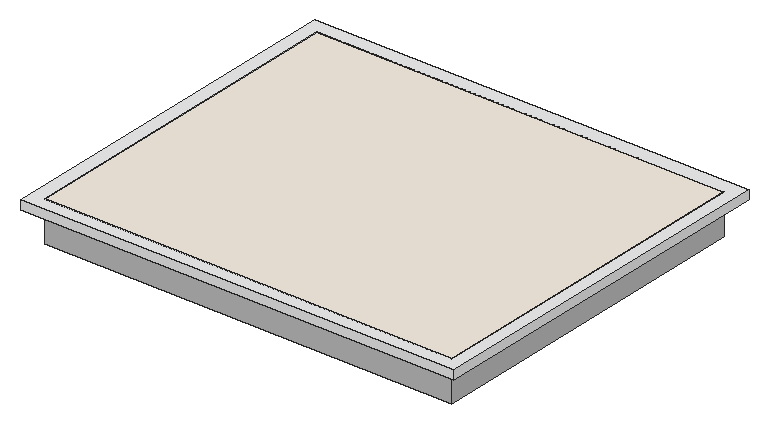
Revit family "Lighting-Industriale-GEWISS-ELIA-HL-LED_RIFLETTORE", category Apparecchi per illuminazione, host Superficie, Revit 2019 (continued)
Types (12, lengths in mm): name | Tensione | Scheda Tecnica | Potenza di sistema | Peso (kg): | Peso (kg) | Ottica | built-in parameter 1150142 | Lumen output (lm) | Modello | IDT | File diagramma fotometrico | Description
  GWF1000ML840 - ELIA HL M2 90° 4000K S.ALONE ON/OFF | "100-240 V " | "https://www.gewiss.com/it/it/search?q=GWF1000ML840" | "120W" | "3,9" | "3,9" | "90°" | "IESNA:LM-63-1995\r\n[TEST] HB25-120-4080-90D-H00108\r\n[DATE] 27 Nov 2019\r\n[MANUFAC] GEWISS\r\n[LUMCAT] GWF1000ML840\r\n[LUMINAIRE] ELIA HL - M2 90° LED840 120W\r\n[FLASHAREA] 0.013851\r\n[LAMPCAT] LED 120W/16100lm\r\n[LAMP] LED 120W/16100lm\r\nTILT=NONE\r\n1 16100.00 1.0 181 37 1 2 -0.270 0.000 0.000\r\n1.00 1.00 120.00\r\n0.00 0.50 1.00 1.50 2.00 2.50 3.00 3.50 4.00 4.50 5.00 \r\n5.50 6.00 6.50 7.00 7.50 8.00 8.50 9.00 9.50 10.00 10.50 \r\n11.00 11.50 12.00 12.50 13.00 13.50 14.00 14.50 15.00 \r\n15.50 16.00 16.50 17.00 17.50 18.00 18.50 19.00 19.50 \r\n20.00 20.50 21.00 21.50 22.00 22.50 23.00 23.50 24.00 \r\n24.50 25.00 25.50 26.00 26.50 27.00 27.50 28.00 28.50 \r\n29.00 29.50 30.00 30.50 31.00 31.50 32.00 32.50 33.00 \r\n33.50 34.00 34.50 35.00 35.50 36.00 36.50 37.00 37.50 \r\n38.00 38.50 39.00 39.50 40.00 40.50 41.00 41.50 42.00 \r\n42.50 43.00 43.50 44.00 44.50 45.00 45.50 46.00 46.50 \r\n47.00 47.50 48.00 48.50 49.00 49.50 50.00 50.50 51.00 \r\n51.50 52.00 52.50 53.00 53.50 54.00 54.50 55.00 55.50 \r\n56.00 56.50 57.00 57.50 58.00 58.50 59.00 59.50 60.00 \r\n60.50 61.00 61.50 62.00 62.50 63.00 63.50 64.00 64.50 \r\n65.00 65.50 66.00 66.50 67.00 67.50 68.00 68.50 69.00 \r\n69.50 70.00 70.50 71.00 71.50 72.00 72.50 73.00 73.50 \r\n74.00 74.50 75.00 75.50 76.00 76.50 77.00 77.50 78.00 \r\n78.50 79.00 79.50 80.00 80.50 81.00 81.50 82.00 82.50 \r\n83.00 83.50 84.00 84.50 85.00 85.50 86.00 86.50 87.00 \r\n87.50 88.00 88.50 89.00 89.50 90.00 \r\n0.00 2.50 5.00 7.50 10.00 12.50 15.00 17.50 20.00 22.50 \r\n25.00 27.50 30.00 32.50 35.00 37.50 40.00 42.50 45.00 \r\n47.50 50.00 52.50 55.00 57.50 60.00 62.50 65.00 67.50 \r\n70.00 72.50 75.00 77.50 80.00 82.50 85.00 87.50 90.00 \r\n8062.88 8062.88 8064.49 8067.71 8069.32 8072.54 8077.37 \r\n8080.59 8085.42 8091.86 8099.91 8106.35 8114.40 8122.45 \r\n8130.50 8138.55 8146.60 8156.26 8165.92 8175.58 8185.24 \r\n8193.29 8202.95 8211.00 8220.66 8227.10 8235.15 8241.59 \r\n8248.03 8251.25 8256.08 8257.69 8257.69 8257.69 8256.08 \r\n8252.86 8246.42 8238.37 8228.71 8219.05 8206.17 8191.68 \r\n8173.97 8154.65 8132.11 8107.96 8082.20 8054.83 8024.24 \r\n7990.43 7955.01 7916.37 7874.51 7829.43 7781.13 7728.00 \r\n7670.04 7607.25 7538.02 7460.74 7380.24 7291.69 7199.92 \r\n7100.10 6998.67 6895.63 6787.76 6671.84 6544.65 6407.80 \r\n6258.07 6092.24 5919.97 5758.97 5597.97 5435.36 5274.36 \r\n5124.63 4978.12 4834.83 4691.54 4545.03 4400.13 4266.50 \r\n4139.31 4015.34 3894.59 3781.89 3670.80 3556.49 3442.18 \r\n3334.31 3229.66 3129.84 3031.63 2936.64 2844.87 2753.10 \r\n2662.94 2577.61 2495.50 2411.78 2331.28 2254.00 2179.94 \r\n2107.49 2036.65 1967.42 1896.58 1824.13 1751.68 1679.23 \r\n1609.20 1540.13 1473.63 1411.81 1352.24 1292.83 1236.48 \r\n1186.73 1140.85 1096.73 1055.03 1016.72 979.52 941.69 \r\n903.85 866.34 828.99 791.48 754.29 718.06 683.12 650.28 \r\n619.53 591.03 563.82 536.45 510.21 486.54 464.97 445.97 \r\n427.29 405.40 383.34 362.89 343.25 323.93 304.93 286.26 \r\n268.39 251.80 236.51 222.99 210.91 200.61 190.46 177.91 \r\n165.19 153.47 141.94 130.15 118.66 108.06 97.92 87.91 \r\n78.21 68.94 60.10 51.78 43.99 36.87 30.28 24.13 18.52 \r\n13.39 9.08 5.94 3.87 2.84 2.86 \r\n8062.88 8062.88 8064.49 8066.90 8069.32 8072.54 8077.37 \r\n8080.59 8085.42 8091.86 8099.91 8106.35 8114.40 8122.45 \r\n8130.50 8138.55 8147.40 8157.06 8166.72 8175.58 8185.24 \r\n8194.09 8203.75 8211.80 8220.66 8227.90 8235.95 8242.39 \r\n8248.03 8252.86 8256.08 8257.69 8259.30 8258.49 8256.88 \r\n8252.86 8248.03 8240.78 8231.12 8219.85 8206.97 8192.48 \r\n8174.77 8155.45 8133.72 8109.57 8083.81 8056.44 8025.85 \r\n7992.84 7957.42 7917.98 7876.12 7831.04 7781.93 7728.80 \r\n7671.65 7608.05 7539.63 7463.96 7382.65 7295.71 7203.14 \r\n7104.93 7002.69 6899.65 6790.17 6673.45 6547.06 6409.41 \r\n6261.29 6096.26 5926.41 5764.60 5604.41 5440.99 5279.99 \r\n5127.04 4978.92 4834.83 4692.34 4545.83 4403.35 4270.52 \r\n4144.14 4020.17 3900.22 3785.11 3670.80 3556.49 3442.99 \r\n3335.92 3232.08 3130.64 3033.24 2938.25 2846.48 2753.91 \r\n2665.36 2579.22 2495.50 2412.59 2332.89 2255.61 2180.74 \r\n2109.10 2038.26 1967.42 1898.19 1825.74 1752.49 1682.45 \r\n1611.61 1543.10 1476.77 1414.71 1355.30 1296.29 1240.51 \r\n1190.76 1144.71 1100.60 1059.06 1020.50 983.15 945.39 \r\n907.72 870.12 832.61 795.42 758.71 722.25 687.15 654.30 \r\n623.47 594.65 567.04 539.27 512.79 488.72 466.66 447.26 \r\n428.10 406.28 384.23 363.78 344.06 324.74 305.82 287.14 \r\n269.19 252.53 237.23 223.87 211.80 201.33 190.87 178.31 \r\n165.51 153.47 141.73 129.88 118.41 107.81 97.69 87.75 \r\n78.16 68.99 60.23 51.90 44.10 36.94 30.33 24.18 18.56 \r\n13.43 9.10 5.96 3.88 2.85 2.87 \r\n8062.88 8062.88 8064.49 8066.90 8069.32 8072.54 8076.56 \r\n8080.59 8086.22 8091.86 8099.91 8106.35 8114.40 8121.64 \r\n8129.69 8139.35 8147.40 8157.06 8166.72 8176.38 8185.24 \r\n8194.90 8203.75 8212.61 8221.46 8228.71 8236.76 8243.20 \r\n8248.83 8253.66 8256.88 8258.49 8260.10 8259.30 8257.69 \r\n8254.47 8248.83 8242.39 8232.73 8221.46 8209.39 8194.09 \r\n8176.38 8157.06 8135.33 8111.18 8085.42 8058.05 8028.26 \r\n7994.45 7958.23 7919.59 7878.53 7832.65 7784.35 7732.02 \r\n7673.26 7610.47 7542.04 7467.18 7385.87 7299.74 7207.16 \r\n7108.95 7006.72 6902.87 6793.39 6675.06 6548.67 6412.63 \r\n6266.12 6101.90 5932.85 5771.85 5612.46 5447.43 5285.63 \r\n5130.26 4979.73 4834.02 4691.54 4545.83 4404.15 4273.74 \r\n4147.36 4023.39 3903.44 3786.72 3671.61 3556.49 3443.79 \r\n3337.53 3233.69 3132.26 3033.24 2939.06 2847.29 2754.71 \r\n2665.36 2579.22 2495.50 2414.20 2334.50 2256.42 2181.55 \r\n2109.10 2039.07 1969.03 1898.19 1826.55 1754.90 1684.06 \r\n1614.83 1546.00 1479.83 1417.77 1358.36 1299.75 1244.37 \r\n1194.70 1148.49 1104.54 1063.00 1024.20 986.69 949.18 \r\n911.58 873.75 836.15 799.20 762.74 726.35 691.09 658.25 \r\n627.18 598.20 570.26 542.17 515.28 490.89 468.35 448.39 \r\n428.90 407.09 385.27 364.67 344.86 325.54 306.71 287.87 \r\n269.92 253.25 237.96 224.51 212.52 201.81 191.11 178.55 \r\n165.59 153.35 141.39 129.51 118.07 107.49 97.40 87.54 \r\n78.04 68.96 60.29 51.95 44.13 36.96 30.33 24.19 18.59 \r\n13.44 9.11 5.97 3.89 2.85 2.86 \r\n8062.88 8062.88 8064.49 8066.90 8070.12 8073.34 8076.56 \r\n8081.39 8086.22 8092.66 8099.10 8106.35 8114.40 8122.45 \r\n8130.50 8139.35 8147.40 8157.06 8166.72 8176.38 8186.04 \r\n8194.90 8204.56 8212.61 8222.27 8230.32 8237.56 8244.00 \r\n8248.83 8253.66 8257.69 8259.30 8260.91 8260.10 8259.30 \r\n8256.08 8250.44 8242.39 8234.34 8223.88 8211.00 8195.70 \r\n8178.80 8159.48 8137.74 8113.59 8088.64 8060.46 8029.87 \r\n7996.87 7961.45 7922.00 7880.95 7835.06 7785.96 7733.63 \r\n7676.48 7612.88 7544.46 7470.40 7389.90 7304.57 7211.99 \r\n7114.59 7011.55 6906.90 6796.61 6678.28 6551.89 6416.65 \r\n6270.14 6107.53 5940.90 5779.90 5619.70 5453.87 5290.46 \r\n5133.48 4981.34 4834.83 4690.73 4546.64 4405.76 4275.35 \r\n4149.77 4026.61 3905.86 3787.53 3670.80 3555.69 3444.60 \r\n3339.14 3236.10 3133.87 3034.85 2939.86 2848.09 2756.32 \r\n2665.36 2580.03 2496.31 2414.20 2335.31 2258.03 2183.16 \r\n2110.71 2038.26 1968.23 1898.19 1826.55 1755.71 1684.87 \r\n1616.44 1548.66 1482.89 1420.91 1361.26 1303.05 1247.99 \r\n1198.32 1152.12 1108.24 1066.79 1027.74 990.07 952.56 \r\n915.12 877.13 839.45 802.83 766.52 730.22 694.88 662.03 \r\n630.96 601.58 573.24 544.90 517.62 492.74 469.80 449.35 \r\n429.47 407.81 386.16 365.55 345.51 326.19 307.35 288.67 \r\n270.64 253.90 238.60 225.16 213.08 202.14 191.19 178.55 \r\n165.59 153.13 140.97 129.07 117.67 107.11 97.06 87.29 \r\n77.89 68.90 60.28 51.96 44.13 36.94 30.31 24.17 18.57 \r\n13.44 9.12 5.97 3.89 2.84 2.85 \r\n8062.88 8063.68 8064.49 8066.90 8070.12 8073.34 8076.56 \r\n8081.39 8086.22 8092.66 8099.10 8106.35 8114.40 8122.45 \r\n8130.50 8139.35 8147.40 8157.06 8166.72 8176.38 8186.04 \r\n8194.90 8204.56 8214.22 8222.27 8231.12 8237.56 8244.00 \r\n8250.44 8254.47 8257.69 8260.91 8261.71 8260.91 8260.10 \r\n8256.88 8251.25 8244.81 8235.95 8225.49 8212.61 8197.31 \r\n8180.41 8160.28 8139.35 8116.01 8091.05 8062.88 8032.29 \r\n7999.28 7963.86 7925.22 7883.36 7838.28 7789.98 7736.85 \r\n7679.70 7616.10 7548.48 7474.42 7394.73 7309.40 7217.63 \r\n7119.42 7017.18 6911.73 6800.64 6682.30 6555.11 6419.87 \r\n6275.78 6114.78 5948.95 5787.95 5626.95 5461.12 5296.90 \r\n5137.51 4982.95 4834.83 4690.73 4546.64 4406.57 4276.96 \r\n4150.58 4028.22 3907.47 3787.53 3670.00 3556.49 3445.40 \r\n3340.75 3237.71 3135.48 3035.66 2940.67 2848.09 2756.32 \r\n2666.16 2579.22 2495.50 2414.20 2335.31 2258.83 2183.97 \r\n2110.71 2039.07 1969.03 1898.19 1826.55 1755.71 1686.48 \r\n1618.86 1551.15 1485.87 1423.72 1363.99 1305.95 1251.29 \r\n1201.62 1155.42 1111.54 1070.17 1030.88 992.97 955.54 \r\n918.18 880.19 842.43 805.81 769.82 733.52 698.34 665.41 \r\n634.18 604.64 575.98 547.32 519.87 494.51 471.01 450.00 \r\n429.79 408.46 387.12 366.28 346.07 326.75 307.99 289.24 \r\n271.12 254.38 239.09 225.72 213.57 202.38 191.11 178.39 \r\n165.43 152.81 140.50 128.57 117.21 106.69 96.70 87.01 \r\n77.71 68.79 60.24 51.93 44.08 36.89 30.26 24.13 18.54 \r\n13.42 9.11 5.97 3.88 2.84 2.84 \r\n8062.88 8063.68 8064.49 8066.90 8069.32 8072.54 8076.56 \r\n8081.39 8086.22 8092.66 8099.10 8106.35 8114.40 8122.45 \r\n8131.30 8139.35 8148.21 8157.06 8166.72 8176.38 8186.04 \r\n8195.70 8204.56 8214.22 8223.07 8231.12 8239.17 8245.61 \r\n8250.44 8256.08 8259.30 8261.71 8262.52 8262.52 8260.91 \r\n8257.69 8253.66 8246.42 8237.56 8227.10 8214.22 8198.92 \r\n8182.02 8163.50 8141.77 8118.42 8092.66 8065.29 8034.70 \r\n8002.50 7967.08 7928.44 7886.58 7841.50 7793.20 7740.07 \r\n7682.11 7620.13 7551.70 7478.45 7398.75 7314.23 7223.26 \r\n7125.86 7023.62 6917.36 6805.47 6687.13 6560.75 6426.31 \r\n6282.22 6122.02 5957.00 5796.00 5634.19 5468.36 5303.34 \r\n5142.34 4985.36 4835.63 4689.93 4546.64 4408.18 4277.77 \r\n4151.38 4028.22 3907.47 3786.72 3669.19 3555.69 3446.21 \r\n3341.56 3240.13 3137.09 3036.46 2941.47 2848.09 2757.13 \r\n2666.16 2579.22 2495.50 2414.20 2336.11 2259.64 2184.77 \r\n2111.52 2039.07 1968.23 1899.00 1826.55 1755.71 1687.28 \r\n1619.66 1553.41 1488.61 1426.22 1366.33 1308.53 1254.03 \r\n1204.36 1158.07 1114.28 1072.98 1033.54 995.46 957.95 \r\n920.68 882.60 844.85 808.38 772.48 736.33 701.24 668.31 \r\n637.00 607.13 578.23 549.33 521.64 495.88 471.97 450.40 \r\n429.95 408.78 387.69 366.76 346.39 327.07 308.40 289.56 \r\n271.61 254.78 239.49 226.12 213.81 202.30 190.87 178.15 \r\n165.19 152.42 139.97 128.05 116.74 106.27 96.33 86.72 \r\n77.51 68.67 60.16 51.87 44.03 36.83 30.20 24.07 18.50 \r\n13.40 9.10 5.97 3.87 2.83 2.82 \r\n8062.88 8063.68 8064.49 8066.90 8069.32 8072.54 8076.56 \r\n8081.39 8087.03 8092.66 8099.10 8107.15 8114.40 8122.45 \r\n8131.30 8139.35 8148.21 8157.87 8167.53 8176.38 8186.04 \r\n8195.70 8205.36 8215.02 8223.88 8231.93 8239.17 8245.61 \r\n8252.05 8256.88 8260.10 8262.52 8263.32 8263.32 8262.52 \r\n8259.30 8254.47 8248.03 8239.17 8228.71 8215.83 8201.34 \r\n8184.43 8165.11 8144.18 8120.84 8095.08 8067.71 8037.92 \r\n8005.72 7969.50 7931.66 7889.80 7844.72 7796.42 7743.29 \r\n7686.14 7624.15 7556.53 7482.47 7403.58 7319.06 7228.90 \r\n7133.10 7031.67 6924.61 6811.91 6693.57 6566.38 6432.75 \r\n6288.66 6130.88 5967.46 5804.85 5643.05 5476.41 5309.78 \r\n5147.97 4990.19 4837.24 4689.93 4547.44 4409.79 4279.38 \r\n4152.19 4029.02 3907.47 3786.72 3667.58 3555.69 3447.01 \r\n3343.17 3241.74 3138.70 3036.46 2941.47 2848.89 2756.32 \r\n2666.16 2578.42 2494.70 2415.00 2336.92 2260.44 2185.58 \r\n2111.52 2039.07 1968.23 1898.19 1827.35 1756.51 1688.09 \r\n1620.47 1555.18 1490.94 1428.47 1368.26 1310.54 1256.12 \r\n1206.37 1160.01 1116.45 1075.08 1035.47 997.15 959.64 \r\n922.37 884.29 846.46 810.15 774.41 738.43 703.41 670.48 \r\n639.09 608.98 579.84 550.78 522.85 496.69 472.37 450.40 \r\n429.71 408.78 388.09 367.00 346.31 327.15 308.48 289.80 \r\n271.77 255.10 239.65 226.21 213.81 202.14 190.38 177.74 \r\n164.78 151.95 139.43 127.54 116.27 105.84 95.96 86.43 \r\n77.30 68.51 60.07 51.80 43.95 36.77 30.14 24.02 18.45 \r\n13.36 9.09 5.96 3.86 2.81 2.81 \r\n8062.88 8063.68 8064.49 8066.90 8069.32 8072.54 8076.56 \r\n8081.39 8087.03 8093.47 8099.91 8106.35 8114.40 8121.64 \r\n8130.50 8139.35 8148.21 8157.06 8166.72 8176.38 8186.04 \r\n8195.70 8204.56 8214.22 8223.88 8231.93 8239.17 8245.61 \r\n8252.05 8256.88 8260.10 8262.52 8264.13 8264.13 8262.52 \r\n8260.10 8255.27 8248.83 8240.78 8230.32 8218.24 8202.95 \r\n8186.04 8167.53 8146.60 8123.25 8098.30 8070.12 8040.34 \r\n8008.14 7973.52 7934.88 7893.02 7848.75 7799.64 7747.32 \r\n7690.16 7628.18 7561.36 7488.11 7410.02 7326.30 7236.14 \r\n7140.35 7038.92 6932.66 6820.76 6701.62 6576.04 6442.41 \r\n6299.12 6140.54 5976.32 5814.51 5650.29 5483.66 5317.83 \r\n5156.83 4997.44 4843.68 4693.95 4550.66 4412.20 4280.18 \r\n4152.19 4028.22 3905.86 3785.11 3665.97 3554.88 3447.82 \r\n3343.97 3241.74 3138.70 3038.07 2942.28 2849.70 2757.93 \r\n2667.77 2580.83 2496.31 2416.61 2338.53 2262.05 2187.18 \r\n2113.13 2040.68 1969.84 1899.80 1828.16 1756.51 1688.89 \r\n1622.08 1556.47 1492.23 1429.44 1368.82 1310.94 1256.36 \r\n1206.29 1159.60 1115.89 1074.43 1034.59 996.19 958.67 \r\n921.48 883.41 845.65 809.19 773.44 737.54 702.68 669.68 \r\n637.96 607.94 578.88 549.98 522.04 495.80 471.25 449.19 \r\n428.34 407.65 387.12 366.03 345.26 326.11 307.67 289.16 \r\n271.37 254.70 239.25 225.72 213.16 201.41 189.58 176.94 \r\n164.06 151.39 139.02 127.21 115.98 105.56 95.70 86.24 \r\n77.18 68.47 60.04 51.83 44.01 36.84 30.20 24.05 18.45 \r\n13.36 9.09 5.96 3.86 2.81 2.80 \r\n8062.88 8062.88 8064.49 8066.90 8069.32 8072.54 8076.56 \r\n8081.39 8087.03 8092.66 8099.10 8106.35 8113.59 8122.45 \r\n8129.69 8138.55 8148.21 8157.06 8166.72 8175.58 8185.24 \r\n8194.90 8204.56 8214.22 8222.27 8231.12 8238.37 8244.81 \r\n8251.25 8256.88 8260.10 8262.52 8264.13 8264.13 8262.52 \r\n8260.10 8256.08 8249.64 8242.39 8231.93 8219.05 8205.36 \r\n8188.46 8169.14 8148.21 8125.67 8100.71 8073.34 8043.56 \r\n8012.16 7975.94 7938.10 7897.05 7851.97 7803.67 7751.34 \r\n7694.19 7633.01 7566.19 7493.74 7416.46 7332.74 7243.39 \r\n7148.40 7047.77 6942.32 6830.42 6712.09 6586.51 6452.88 \r\n6309.59 6151.00 5986.78 5823.37 5659.15 5492.51 5326.68 \r\n5165.68 5007.10 4850.93 4699.59 4553.88 4414.62 4280.99 \r\n4152.99 4027.41 3905.05 3782.70 3665.17 3553.27 3447.01 \r\n3343.17 3242.54 3139.50 3038.88 2942.28 2849.70 2757.93 \r\n2669.38 2582.44 2498.72 2417.42 2339.33 2263.66 2189.60 \r\n2115.54 2042.29 1970.64 1901.41 1828.96 1757.32 1689.70 \r\n1622.88 1557.27 1493.03 1429.92 1368.82 1310.70 1255.96 \r\n1205.49 1158.40 1114.52 1072.90 1033.06 994.50 956.98 \r\n919.79 881.80 844.04 807.50 771.67 736.01 701.24 667.99 \r\n636.19 606.17 577.19 548.61 520.84 494.35 469.56 447.50 \r\n426.73 406.28 385.92 364.75 343.98 325.06 306.71 288.35 \r\n270.64 254.14 238.76 225.00 212.36 200.44 188.61 175.97 \r\n163.25 150.79 138.64 126.91 115.73 105.31 95.46 86.07 \r\n77.08 68.40 60.02 51.83 44.07 36.92 30.28 24.09 18.45 \r\n13.36 9.09 5.95 3.86 2.81 2.80 \r\n8062.88 8062.88 8064.49 8066.90 8069.32 8072.54 8076.56 \r\n8081.39 8086.22 8092.66 8098.30 8106.35 8113.59 8121.64 \r\n8129.69 8137.74 8147.40 8157.06 8166.72 8175.58 8185.24 \r\n8194.90 8204.56 8213.41 8222.27 8230.32 8238.37 8244.81 \r\n8251.25 8256.08 8260.10 8262.52 8264.13 8264.13 8264.13 \r\n8261.71 8256.88 8251.25 8243.20 8232.73 8221.46 8206.97 \r\n8190.07 8171.55 8150.62 8128.89 8103.93 8076.56 8047.58 \r\n8014.58 7979.96 7942.13 7901.07 7856.80 7808.50 7756.17 \r\n7699.82 7637.84 7571.83 7500.18 7422.90 7339.99 7250.63 \r\n7156.45 7056.63 6951.98 6840.08 6722.55 6597.78 6464.95 \r\n6321.66 6163.88 5998.05 5833.83 5668.81 5502.17 5337.15 \r\n5175.34 5016.76 4858.98 4706.03 4558.71 4417.84 4283.40 \r\n4152.99 4026.61 3902.64 3781.09 3662.75 3552.47 3446.21 \r\n3343.17 3241.74 3140.31 3038.88 2943.08 2849.70 2758.74 \r\n2670.18 2583.24 2500.33 2418.22 2340.14 2264.47 2190.41 \r\n2117.15 2043.90 1972.25 1902.22 1829.77 1758.12 1689.70 \r\n1622.88 1557.51 1493.28 1429.84 1368.42 1309.98 1254.91 \r\n1204.12 1156.62 1112.51 1070.73 1030.80 992.24 954.65 \r\n917.54 879.54 841.87 805.24 769.34 733.92 699.30 665.90 \r\n633.86 603.83 575.09 546.68 519.14 492.58 467.62 445.65 \r\n424.96 404.51 384.39 363.30 342.53 323.69 305.42 287.30 \r\n269.92 253.49 238.04 224.19 211.47 199.40 187.57 175.01 \r\n1
